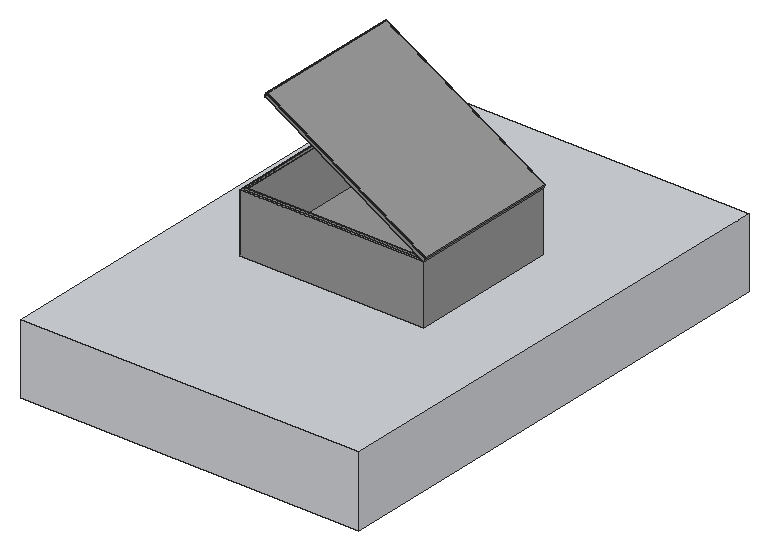
Revit family "Hager-Univers-IP55-D275-H650-Cl.I-Steel_encl-CH-de", category Equipement électrique, Revit 2020
Family settings
  Hôte = Face
  Configuration du panneau = Deux colonnes, circuits au sein
  Cote de connecteur circulaire = Utiliser le diamètre
  Type d'élément = Tableau de raccordement
  Couper avec des vides une fois chargée = Non
  Partagée = Non
  Point de calcul de pièce = Non
Parameters (values of type "Aufputz IP55 B800 H650 T275  - FR43E")
  Width Control [instance] = if([EF000008 - Breite] > Min Width, [EF000008 - Breite], Min Width)  # 800 mm
  Commentaires du type = [HG000003 - Bereich]  # "Univers"
  Thickness Door [instance] = if([EF009171 - Materialstärke Tür/Deckel] > 3 mm, 3 mm, [EF009171 - Materialstärke Tür/Deckel])  # 1.5 mm
  Seal Frame Offset [instance] = 17 mm  # constant formula
  Plinth Visibility [instance] = [HG000027 - Sockelhöhe] > 0 mm  # no
  Model = ""
  Min Width [instance] = 100 mm  # constant formula
  Min Height [instance] = 100 mm  # constant formula
  Min Depth [instance] = (2 * [EF009170 - Materialstärke Gehäuse]) + 1 mm  # 4 mm
  Internal Frame Depth [instance] = (Door System Depth * 0.5)  # 9 mm
  Height Control [instance] = if([EF000040 - Höhe] > Min Height, [EF000040 - Höhe], Min Height)  # 650 mm
  HG000027 - Sockelhöhe = 0 mm
  HG000026 - Stehend auf dem Boden = no
  HG000024 - Höhe des unteren Teils = 800 mm
  HG000023 - Gehäuse mit doppeltem Querschnitt = no
  HG000016 - 3D-Türsichtbarkeit [instance] = yes
  HG000015 - Sichtbarkeit der Türöffnung [instance] = no
  HG000014 - Tür rechts [instance] = yes
  HG000013 - Tür links [instance] = not([HG000014 - Tür rechts])  # no
  HG000012 - Türschwenkwinkel [instance] = 30.00°
  HG000010 - Asymmetrische Türen = no
  HG000009 - Doppelflügeligen Tür = no
  HG000006 - Unterputz = no
  HG000004 - Herstellerreferenz = "FR43E"
  HG000003 - Bereich = "Univers"
  HG000002 - Mit tür = yes
  Frame Offset Bottom [instance] = 10 mm  # constant formula
  Frame Offset [instance] = 15 mm  # constant formula
  EF015940 - Deckel mit Überdruckentlastung = no
  EF011959 - Schutzart (NEMA) = ""
  EF009554 - Anzahl der Öffnungen für Flanschplatten = 6
  Fabricant = "Hager"  # constant formula
  EF009212 - Ausführung Deckel = "EV000116 - geschlossen"
  EF009171 - Materialstärke Tür/Deckel = 1.5 mm
  EF009170 - Materialstärke Gehäuse = 1.5 mm
  EF008873 - Nennstrom (In) = 800 A
  EF007800 - Geeignet für Blitzschutz = no
  EF006306 - Mit Schloss = no
  EF006244 - Transparenter Deckel/Tür = no
  EF005474 - Schutzart (IP) = "EV006420 - IP55"
  EF004464 - Art der Tür = "EV002646 - Einzel"
  EF004427 - Anzahl der Module = 144
  EF004293 - Schlagfestigkeit = "EV008784 - IK10"
  EF003532 - Geeignet für Außengebrauch = no
  EF002950 - Breite in Teilungseinheiten = 24
  EF001613 - Funktionserhalt = "EV000494 - ohne"
  EF001596 - Werkstoff des Gehäuses = "EV000179 - Stahl"
  EF001131 - Innentiefe = 275 mm
  EF001088 - Anbaumöglichkeit = yes
  EF000437 - Anzahl der Leitungseinführungen = 6
  EF000339 - Art der Abdeckung = "EV004216 - Tür"
  EF000266 - Anzahl der Reihen = 4
  EF000218 - Einbautiefe = 0 mm
  EF000118 - Mit Montageplatte = no
  EF000116 - RAL-Nummer = "7035"
  EF000049 - Tiefe = 275 mm
  EF000040 - Höhe = 650 mm
  EF000008 - Breite = 800 mm
  EF000007 - Farbe = "EV000270 - grau"
  EF000003 - Montageart = "EV000384 - Aufputz"
  Door System Leaf Tolerance [instance] = 1.5 mm  # constant formula
  Door System Depth [instance] = 18 mm  # constant formula
  Door Height [instance] = Height Control - [HG000027 - Sockelhöhe]  # 650 mm
  Depth Control [instance] = if([EF000049 - Tiefe] > Min Depth, [EF000049 - Tiefe], Min Depth)  # 275 mm
  Default Elevation = 0 mm
  Connector Offset [instance] = Height Control / 2  # 325 mm
  Bottom Top Plate Trim [instance] = 1.5 mm  # constant formula
  Plinth height Ctrl [instance] = if([HG000027 - Sockelhöhe] > 0 mm, [HG000027 - Sockelhöhe], 12 mm)  # 12 mm
Types (5, lengths in mm): name | Width Control | HG000010 - Asymmetrische Türen | HG000009 - Doppelflügeligen Tür | HG000004 - Herstellerreferenz | EF009554 - Anzahl der Öffnungen für Flanschplatten | EF004464 - Art der Tür | EF004427 - Anzahl der Module | EF000437 - Anzahl der Leitungseinführungen | EF000008 - Breite
  Aufputz IP55 B1050 H650 T275  - FR44E | 1050 | no | yes | "FR44E" | 8 | "EV003602 - Doppel" | 192 | 8 | 1050
  Aufputz IP55 B1300 H650 T275  - FR45E | 1300 | yes | yes | "FR45E" | 10 | "EV003602 - Doppel" | 240 | 10 | 1300
  Aufputz IP55 B300 H650 T275  - FR41E | 300 | no | no | "FR41E" | 2 | "EV002646 - Einzel" | 48 | 2 | 300
  Aufputz IP55 B550 H650 T275  - FR42E | 550 | no | no | "FR42E" | 4 | "EV002646 - Einzel" | 96 | 4 | 550
  Aufputz IP55 B800 H650 T275  - FR43E | 800 | no | no | "FR43E" | 6 | "EV002646 - Einzel" | 144 | 6 | 800
Reference planes
  plane 1 "Center (Front/Back)": y = 0
  plane 2: z = 0
  plane 3 "Center (Left/Right)": x = 0
  plane 4: z = 275
  plane 5: y = 1.5
  plane 6: y = 325
  plane 7: y = 0
  plane 8: y = 650
  plane 9: z = 0
  plane 10: x = -385
  plane 11: x = 385
  plane 12: x = 383.5
  plane 13: x = -383.5
  plane 14: y = 648.5
  plane 15: x = -383
  plane 16: x = -400
  plane 17: x = 383
  plane 18: x = 400
  plane 19: x = 398.5
  plane 20: x = -398.5
  plane 21: y = 11.5
  plane 22: y = 650
  plane 23: y = 633.5
  plane 24: z = 257
  plane 25: z = 1.5
  plane 26: z = 255.5
  plane 27: z = 273.5
Forms (mm)
  Extrusion 1, solid
    sketch origin (0, 0, 0) x (1, 0, 0) y (0, 1, 0)
      loop
        line (-702.964, 1305) -> (-702.964, -811.445) -> (766.763, -811.445) -> (766.763, 1305) -> (-702.964, 1305)
    from 0 to -304.8
  Extrusion 2, solid, material "Hager_Steel_RAL7035_Light_Grey", visible <- "Plinth Visibility", detail levels medium+fine
    sketch origin (0, 0, 0) x (1, 0, 0) y (0, 1, 0)
      loop
        line (-400, 0) -> (400, 0) -> (400, 12) -> (-400, 12) -> (-400, 0)
    from 0 to 257
  Extrusion 3, solid, material "Hager_Steel_RAL7035_Light_Grey", detail levels medium+fine
    sketch origin (0, 0, 0) x (1, 0, 0) y (0, 1, 0)
      loop
        line (-400, 0) -> (400, 0) -> (400, 650) -> (-400, 650) -> (-400, 0)
    from 0 to 257
  Extrusion 4, void
    sketch origin (0, 0, 0) x (1, 0, 0) y (0, 1, 0)
      loop
        line (-398.5, 1.5) -> (398.5, 1.5) -> (398.5, 648.5) -> (-398.5, 648.5) -> (-398.5, 1.5)
    from 1.5 to 255.5
  Extrusion 5, void
    sketch origin (-381.607, -4572, 257) x (0, -1, 0) y (-1, 0, 0)
      loop
        line (-4583.5, 1.893) -> (-5205.5, 1.893) -> (-5205.5, -765.107) -> (-4583.5, -765.107) -> (-4583.5, 1.893)
    from 0 to 1.5 <- "EF009170 - Materialstärke Gehäuse"
  Extrusion 6, solid, material "Hager_Steel_RAL7035_Light_Grey", detail levels fine
    sketch origin (0, 0, 257) x (1, 0, 0) y (0, 1, 0)
      loop
        line (-383.5, 633.5) -> (-383.5, 11.5) -> (383.5, 11.5) -> (383.5, 633.5) -> (-383.5, 633.5)
      loop
        line (-385, 10) -> (385, 10) -> (385, 635) -> (-385, 635) -> (-385, 10)
    from 0 to 9 <- "Internal Frame Depth"
  Extrusion 7, solid, material "Hager_Steel_RAL7035_Light_Grey", detail levels coarse
    sketch origin (0, 0, 0) x (1, 0, 0) y (0, 1, 0)
      loop
        line (-400, 0) -> (400, 0) -> (400, 650) -> (-400, 650) -> (-400, 0)
    from 0 to 275
  Sweep 8, void
    path in 3D
      loop
        line (-400, 12, 0) -> (400, 12, 0) -> (400, 12, 257) -> (-400, 12, 257) -> (-400, 12, 0)
    profile origin (-400, 12, 128.5) x (-1, 0, 0) y (0, -1, 0)
      loop
        line (0, 0) -> (0, 1.5) -> (-1.5, 1.5)
        arc (-1.5, 1.5) -> (-1.061, 0.439) -> (0, 0) r 1.5
Cuts and joins
  Extrusion 4, Extrusion 5 cuts Extrusion 3
  Sweep 8 cuts Extrusion 2
Lines and regions (mm)
  Masking region 1
    outline origin (0, 0, 0) x (1, 0, 0) y (0, 0, 1)
      loop
        line (-400, 275) -> (-400, 0) -> (400, 0) -> (400, 275) -> (-400, 275)
  Masking region 2, detail levels medium+fine
    outline origin (0, 140, 0) x (0, 1, 0) y (0, 0, 1)
      loop
        line (-140, 0) -> (510, 0) -> (510, 257) -> (-140, 257) -> (-140, 0)
  Masking region 3, not visible, detail levels medium+fine
    outline origin (0, 297.922, 0) x (0, 1, 0) y (0, 0, 1)
      loop
        line (38.578, 0) -> (78.578, 0) -> (78.578, 263.5)
        arc (78.578, 263.5) -> (75.649, 270.571) -> (68.578, 273.5) r 10
        line (68.578, 273.5) -> (38.578, 273.5) -> (38.578, 0)
  Masking region 4, detail levels coarse
    outline origin (0, 0, 180) x (0, 1, 0) y (0, 0, 1)
      loop
        line (0, -180) -> (650, -180) -> (650, 95) -> (0, 95) -> (0, -180)
  Masking region 5, visible <- "Plinth Visibility", detail levels medium+fine
    outline origin (0, 52.24, 12.345) x (0, 0, -1) y (0, 1, 0)
      loop
        line (10.845, -40.24) -> (-243.155, -40.24)
        arc (-243.155, -40.24) -> (-243.594, -41.301) -> (-244.655, -41.74) r 1.5
        line (-244.655, -41.74) -> (-244.655, -52.24) -> (12.345, -52.24) -> (12.345, -41.74)
        arc (12.345, -41.74) -> (11.285, -41.301) -> (10.845, -40.24) r 1.5
  Masking region 6, detail levels medium+fine
    outline origin (-381.607, -4572, 257) x (-1, 0, 0) y (0, -1, 0)
      loop
        line (18.393, -5222) -> (18.393, -4572) -> (-781.607, -4572) -> (-781.607, -5222) -> (18.393, -5222)
  Masking region 7, visible <- "Plinth Visibility", detail levels medium+fine
    outline origin (-381.607, -4727, 257) x (-1, 0, 0) y (0, -1, 0)
      loop
        arc (16.893, -4739) -> (17.332, -4737.939) -> (18.393, -4737.5) r 1.5
        line (18.393, -4737.5) -> (18.393, -4727) -> (-781.607, -4727) -> (-781.607, -4737.5)
        arc (-781.607, -4737.5) -> (-780.546, -4737.939) -> (-780.107, -4739) r 1.5
        line (-780.107, -4739) -> (16.893, -4739)
  Masking region 8, detail levels coarse
    outline origin (-442.548, -4669.526, 257) x (-1, 0, 0) y (0, -1, 0)
      loop
        line (-42.548, -5319.526) -> (-42.548, -4669.526) -> (-842.548, -4669.526) -> (-842.548, -5319.526) -> (-42.548, -5319.526)
  sketch lines
    curve 1: line (-400, 12, 257) -> (-400, 12, 0)
    curve 2: line (400, 12, 257) -> (-400, 12, 257)
    curve 3: line (400, 12, 257) -> (400, 12, 0)
    curve 4: line (-400, 12, 0) -> (400, 12, 0)
Dimensions and locks
  "Depth Control": plane 4 to Extrusion 1
  "HG000027 - Sockelhöhe": plane 1 "Center (Front/Back)" to plane 7
  "EF009170 - Materialstärke Gehäuse": plane 5 to plane 7
  locked: connector elem to plane 3 "Center (Left/Right)"
  equal spacing: plane 8, plane 6, plane 7
  locked: connector elem to plane 6
  "EF009170 - Materialstärke Gehäuse": plane 8 to plane 14
  "EF009170 - Materialstärke Gehäuse": plane 10 to plane 13
  "EF009170 - Materialstärke Gehäuse": plane 12 to plane 11
  "Frame Offset": plane 20 to plane 13
  "Frame Offset": plane 12 to plane 19
  "EF009170 - Materialstärke Gehäuse": plane 16 to plane 20
  "EF009170 - Materialstärke Gehäuse": plane 19 to plane 18
  "Seal Frame Offset": plane 16 to plane 15
  "Seal Frame Offset": plane 17 to plane 18
  "Frame Offset Bottom": plane 21 to plane 5
  "Frame Offset": plane 14 to plane 23
  equal spacing: plane 16, plane 3 "Center (Left/Right)", plane 18
  "Width Control": plane 16 to plane 18
  "EF009170 - Materialstärke Gehäuse": plane 4 to plane 27
  "EF009170 - Materialstärke Gehäuse": plane 24 to plane 26
  "EF009170 - Materialstärke Gehäuse": plane 25 to level
  "Door System Depth": plane 4 to plane 24
  "Height Control": plane 1 "Center (Front/Back)" to Extrusion 7 sketch curve
  "Height Control": Masking region 4 sketch curve to plane 1 "Center (Front/Back)"
  "Height Control": plane 1 "Center (Front/Back)" to plane 22
  "Bottom Top Plate Trim": profile plane to Sweep 8 sketch curve
  "Bottom Top Plate Trim": Sweep 8 sketch curve to profile plane
  "Plinth height Ctrl": plane 1 "Center (Front/Back)" to Extrusion 2 sketch curve
  "Plinth height Ctrl": Masking region 5 sketch curve to plane 1 "Center (Front/Back)"
  "Plinth height Ctrl": plane 1 "Center (Front/Back)" to Masking region 7 sketch curve
  "Thickness Door": Extrusion 6 sketch curve to Extrusion 6 sketch curve  (x3)
  "Thickness Door": cut or joined group of Extrusion 3, Extrusion 4, Extrusion 5 to Extrusion 6 sketch curve
  radius of Masking region 3 sketch curve = 10 mm
  "Bottom Top Plate Trim": radius of Masking region 5 sketch curve  (x2)
  "Bottom Top Plate Trim": radius of Sweep 8 sketch curve
  "Bottom Top Plate Trim": radius of Masking region 7 sketch curve  (x2)
  aligned and locked: plane 2 to Extrusion 1
  aligned and locked: level to Extrusion 1
  aligned and locked: level to Masking region 1 sketch curve
  aligned and locked: Masking region 1 sketch curve to plane 18
  aligned and locked: Masking region 1 sketch curve to plane 16
  aligned and locked: plane 7 to Masking region 2 sketch curve
  aligned and locked: level to Masking region 3 sketch curve
  aligned and locked: Masking region 3 sketch curve to plane 27
  aligned and locked: level to Masking region 2 sketch curve
  aligned and locked: plane 1 "Center (Front/Back)" to Extrusion 2 sketch curve
  aligned and locked: Extrusion 3 sketch curve to plane 7
  aligned and locked: plane 16 to Extrusion 3 sketch curve
  aligned and locked: plane 18 to Extrusion 3 sketch curve
  aligned and locked: plane 20 to Extrusion 4 sketch curve
  aligned and locked: plane 19 to Extrusion 4 sketch curve
  aligned and locked: Extrusion 4 sketch curve to plane 5
  aligned and locked: Extrusion 4 to plane 25
  aligned and locked: plane 26 to Extrusion 4
  aligned and locked: plane 24 to Extrusion 3
  aligned and locked: Extrusion 5 sketch curve to plane 21
  aligned and locked: Extrusion 5 sketch curve to plane 13
  aligned and locked: Extrusion 5 sketch curve to plane 12
  aligned and locked: plane 18 to Extrusion 7 sketch curve
  aligned and locked: plane 1 "Center (Front/Back)" to Extrusion 7 sketch curve
  aligned and locked: plane 16 to Extrusion 7 sketch curve
  aligned and locked: plane 4 to Extrusion 7
  aligned and locked: Extrusion 7 to level
  aligned and locked: level to Masking region 4 sketch curve
  aligned and locked: Masking region 4 sketch curve to plane 1 "Center (Front/Back)"
  aligned and locked: Masking region 4 sketch curve to plane 4
  aligned and locked: nested 1 to level
  aligned and locked: nested 1 to plane 16
  aligned and locked: plane 8 to Extrusion 3 sketch curve
  aligned and locked: plane 23 to Extrusion 5 sketch curve
  aligned and locked: plane 14 to Extrusion 4 sketch curve
  aligned and locked: Masking region 2 sketch curve to plane 8
  aligned and locked: level to Masking region 5 sketch curve
  aligned and locked: plane 16 to Extrusion 2 sketch curve
  aligned and locked: plane 18 to Extrusion 2 sketch curve
  aligned and locked: Masking region 5 sketch curve to plane 24
  aligned and locked: Masking region 2 sketch curve to plane 24
  aligned and locked: plane 24 to Extrusion 2
  aligned and locked: profile plane to Sweep 8 sketch curve  (x2)
  aligned and locked: Masking region 6 sketch curve to plane 18
  aligned and locked: Masking region 6 sketch curve to plane 22
  aligned and locked: Masking region 6 sketch curve to plane 16
  aligned and locked: plane 8 to plane 22
  aligned and locked: Masking region 6 sketch curve to plane 7
  aligned and locked: Masking region 7 sketch curve to plane 16
  aligned and locked: Masking region 7 sketch curve to plane 1 "Center (Front/Back)"
  aligned and locked: Masking region 7 sketch curve to plane 18
  aligned and locked: Masking region 8 sketch curve to plane 1 "Center (Front/Back)"
  aligned and locked: Masking region 8 sketch curve to plane 18
  aligned and locked: Masking region 8 sketch curve to plane 22
  aligned and locked: Masking region 8 sketch curve to plane 16
  aligned and locked: nested 2 to plane 7
  aligned and locked: plane 3 "Center (Left/Right)" to nested 2
  aligned and locked: nested 2 to plane 24
  aligned and locked: Extrusion 6 sketch curve to cut or joined group of Extrusion 3, Extrusion 4, Extrusion 5  (x4)
Automatic sketch dimensions
  Extrusion 1 sketch curve to Extrusion 1 sketch curve = 1469.727 mm
  Extrusion 1 sketch curve to Extrusion 1 sketch curve = 2116.445 mm
  Masking region 1 sketch curve to plane 4 = 0 mm
  plane 6 to Masking region 3 sketch curve = 11.5 mm
  Masking region 3 sketch curve to Masking region 3 sketch curve = 30 mm
  Masking region 5 sketch curve to plane 1 "Center (Front/Back)" = 0 mm
Nested families
  nested 1: "Hager_Enclosure_Symbol" at (-400, 0, 0) x (1, 0, 0) z (0, -1, 0), Height <- "Depth Control", Width <- "Width Control", type "Hager_Enclosure_Symbol"
    with Width_Ctrl 800 mm, Width 800 mm, Height_Ctrl 275 mm, Height 275 mm, A_Width_Int 18.047 mm, A_Width 216.562 mm, A_Height_Ctrl 240.625 mm, A_Height 240.625 mm
  nested 2: "EC000058_Univers_Door" at (0, 0, 257) x (1, 0, 0) z (0, 1, 0), Leaf_Tolerance <- "Door System Leaf Tolerance", Angle <- "HG000012 - Türschwenkwinkel", Door_Depth <- "Door System Depth", Door_Left <- "HG000013 - Tür links", Transparent <- "EF006244 - Transparenter Deckel/Tür", Assymetrical <- "HG000010 - Asymmetrische Türen", Width <- "Width Control", Clearance <- "HG000015 - Sichtbarkeit der Türöffnung", Double <- "HG000009 - Doppelflügeligen Tür", 3d_Door <- "HG000016 - 3D-Türsichtbarkeit", Lock_Visibility <- "EF006306 - Mit Schloss", Width_Ctrl <- "Width Control", Door_Right <- "HG000014 - Tür rechts", Door <- "HG000002 - Mit tür", Height <- "Door Height", Thickness <- "Thickness Door", type "EC000058_Univers_Door", detail levels medium+fine
    with min_wh 4 mm, Width_Ctrl 800 mm, Width 800 mm, Transparent no, Thickness 1.5 mm, Seal_Material Hager_Rubber, Lock_Visibility no, Lock_Material Hager_Plastic_RAL9005_Jet_Black, Leaf_Width 800 mm, Leaf_Tolerance_External_Sides 0 mm, Leaf_Tolerance 1.5 mm, Leaf_Offset 0 mm, Leaf_Height 647 mm, Leaf_2_Width 800 mm, Leaf_2_Offset 400 mm, Leaf_1_Width 800 mm, Leaf_1_Offset 400 mm, Height_Ctrl 650 mm, Height 650 mm, Glass_Material Hager_Glass, Double_Clearance_Ctrl no, Double no, Door_Right_Ctrl yes, Door_Right yes, Door_Material Hager_Steel_RAL7035_Light_Grey, Door_Left_Ctrl no, Door_Left no, Door_Depth 18 mm, Door yes, Clearance_Material Hager_Clearance, Clearance_Depth 800 mm, Clearance_Ctrl no, Clearance no, Assymetrical no, Angle 30.00°, 3d_Door yes
Connectors
  electrical at (0, 325, 0)
    settings: on plane 9, index 1, voltage 0 V, apparent load 0 VA, apparent load phase1 0 VA, apparent load phase2 0 VA, apparent load phase3 0 VA, power factor 1, load classification "Other", number of poles 1, system type 30, power factor state 1, is connector primary yes, connector utility no, sub classification motor no, connector description ""
Definition of nested family "EC000058_Univers_Door"
  Parameters (values of type "EC000058_Univers_Door")
    min_wh [instance] = (2 * Thickness) + 1 mm  # 11 mm
    Width_Ctrl [instance] = 400 mm
    Width [instance] = 500 mm
    Transparent [instance] = yes
    Thickness [instance] = 5 mm
    Seal_Material [instance] = none
    Lock_Visibility [instance] = yes
    Lock_Material [instance] = none
    Leaf_Width [instance] = if((Width_Ctrl - 2 * Leaf_Tolerance_External_Sides) > 0 mm, (Width_Ctrl - 2 * Leaf_Tolerance_External_Sides), min_wh)  # 400 mm
    Leaf_Tolerance_External_Sides [instance] = 0 mm  # constant formula
    Leaf_Tolerance [instance] = 1.5 mm
    Leaf_Offset [instance] = 0 mm  # constant formula
    Leaf_Height [instance] = if((Height_Ctrl - 2 * Leaf_Tolerance) > 0 mm, (Height_Ctrl - 2 * Leaf_Tolerance), min_wh)  # 497 mm
    Leaf_2_Width [instance] = if(and(and(Double, Assymetrical), Door_Left), (Leaf_Width / 3) - (Leaf_Tolerance / 2), if(and(and(Double, Assymetrical), Door_Right), (Leaf_Width / 3) * 2 - (Leaf_Tolerance / 2), if(and(Double, not(Assymetrical)), (Leaf_Width / 2) - Leaf_Tolerance, Leaf_Width)))  # 400 mm
    Leaf_2_Offset [instance] = if(and(Double, Assymetrical), Leaf_2_Width / 2, if(and(Double, not(Assymetrical)), Leaf_Width / 4, Leaf_Width / 2))  # 200 mm
    Leaf_1_Width [instance] = if(and(and(Double, Assymetrical), Door_Right), (Leaf_Width / 3) - (Leaf_Tolerance / 2), if(and(and(Double, Assymetrical), Door_Left), (Width / 3) * 2 - (Leaf_Tolerance / 2), if(and(Double, not(Assymetrical)), (Leaf_Width / 2) - Leaf_Tolerance, Leaf_Width)))  # 400 mm
    Leaf_1_Offset [instance] = if(and(Double, Assymetrical), Leaf_1_Width / 2, if(and(Double, not(Assymetrical)), Leaf_Width / 4, Leaf_Width / 2))  # 200 mm
    Height_Ctrl [instance] = if(Height > min_wh, Height, min_wh)  # 500 mm
    Height [instance] = 500 mm
    Glass_Material [instance] = none
    Double_Clearance_Ctrl [instance] = and(Double, Clearance)  # no
    Double [instance] = no
    Door_Right_Ctrl [instance] = and(or(Door_Right, Double), Door)  # yes
    Door_Right [instance] = yes
    Door_Material [instance] = none
    Door_Left_Ctrl [instance] = and(or(Door_Left, Double), Door)  # no
    Door_Left [instance] = no
    Door_Depth [instance] = 30 mm
    Door [instance] = yes
    Default Elevation = 1219.2 mm
    Clearance_Material [instance] = none
    Clearance_Depth [instance] = if(Leaf_1_Width > Leaf_2_Width, Leaf_1_Width, Leaf_2_Width)  # 400 mm
    Clearance_Ctrl [instance] = and(not(Double), Clearance)  # yes
    Clearance [instance] = yes
    Assymetrical [instance] = yes
    Angle [instance] = 30.00°
    3d_Door [instance] = yes
  Reference planes
    plane 1 "Center (Front/Back)": y = 0
    plane 2 "Bottom": z = 0
    plane 3 "Center (Left/Right)": x = 0
    plane 4: z = 500
    plane 5: x = -200
    plane 6: x = 200
    plane 7: z = 500
    plane 8: x = -200
    plane 9: z = 0
    plane 10: x = 200
    plane 11: y = 0
    plane 12: z = 1.5
    plane 13: x = -600
    plane 14: y = -400
    plane 15: x = 600
    plane 16: x = 0
    plane 17: x = 0
    plane 18: x = -200
    plane 19: x = 200
    plane 20: z = 498.5
  Forms (mm)
    Extrusion 1, solid, material <- "Clearance_Material", visible <- "Double_Clearance_Ctrl"
      sketch origin (1200, 0, 0) x (1, 0, 0) y (0, 0, -1)
        loop
          line (-1800, -498.5) -> (-600, -498.5) -> (-600, 0) -> (-1800, 0) -> (-1800, -498.5)
      from 0 to -400
  Dimensions and locks
    equal spacing: plane 5, plane 3 "Center (Left/Right)", plane 6
    "Width_Ctrl": plane 5 to plane 6
    "Leaf_Offset": plane 5 to plane 8
    "Leaf_Offset": plane 6 to plane 10
    "Leaf_Offset": plane 9 to level
    "Leaf_Offset": plane 4 to plane 7
    "Height_Ctrl": plane 4 to level
    "Leaf_Tolerance": plane 12 to plane 9
    locked: plane 11 to plane 1 "Center (Front/Back)"
    "Leaf_1_Offset": plane 18 to plane 16
    "Leaf_2_Offset": plane 17 to plane 19
    "Leaf_1_Width": plane 13 to plane 8
    "Leaf_2_Width": plane 10 to plane 15
    "Clearance_Depth": plane 14 to plane 1 "Center (Front/Back)"
    "Leaf_Tolerance_External_Sides": plane 8 to plane 18
    "Leaf_Tolerance_External_Sides": plane 19 to plane 10
    "Leaf_Tolerance": plane 7 to plane 20
    aligned and locked: level to plane 2 "Bottom"
    aligned and locked: nested 1 to plane 16
    aligned and locked: nested 2 to plane 17
    aligned and locked: Extrusion 1 to plane 13
    aligned and locked: plane 15 to Extrusion 1
    aligned and locked: Extrusion 1 to plane 14
    aligned and locked: plane 12 to nested 1
    aligned and locked: nested 2 to plane 12
    aligned and locked: Extrusion 1 to plane 11
    aligned and locked: plane 20 to Extrusion 1
    aligned and locked: nested 2 to plane 11
    aligned and locked: nested 1 to plane 11
  Automatic sketch dimensions
    Extrusion 1 sketch curve to level = 0 mm
    plane 5 to Extrusion 1 sketch curve = 400 mm
    plane 6 to Extrusion 1 sketch curve = 400 mm
    Extrusion 1 sketch curve to plane 4 = 1.5 mm
  Nested families
    nested 1: "EC000058_Univers_Door_Leaf" at (0, 0, 1.5), Width <- "Leaf_1_Width", visible <- "Door_Left_Ctrl", Leaf_Height <- "Leaf_Height", Angle <- "Angle", 3d_Door <- "3d_Door", Transparent <- "Transparent", Clearance Material <- "Clearance_Material", Clearance <- "Clearance_Ctrl", Door_Material <- "Door_Material", Glass_Material <- "Glass_Material", Door_Depth <- "Door_Depth", Lock_Material <- "Lock_Material", Seal_Material <- "Seal_Material", Lock_Visibility <- "Lock_Visibility", Thickness <- "Thickness", type "EC000058_Univers_Door_Leaf"
      with Width 400 mm, Transparent_Glass_Offset 30 mm, Transparent_Ctrl yes, Transparent yes, Thickness 5 mm, Standard no, Seal_Material none, Seal_D2 8 mm, Seal_D1 1 mm, Offset_Internal_Frame 10 mm, Lock_Width 20 mm, Lock_Visibility_3d yes, Lock_Visibility yes, Lock_Thickness_3 3 mm, Lock_Thickness_2 1 mm, Lock_Thickness_1 3 mm, Lock_Radius_Offset_2 16 mm, Lock_Radius_Offset_1 15 mm, Lock_Radius_2 5 mm, Lock_Radius 6 mm, Lock_Offset 5 mm, Lock_Material none, Lock_Height 80 mm, Lock_Cover_Top_Offset_2d 17 mm, Lock_Cover_Height -65 mm, Leaf_Height 497 mm, Internal_Seal_Thickness 8 mm, Internal_Seal_Depth_2 4.5 mm, Internal_Frame_Depth 25 mm, Glass_Thickness -1 mm, Glass_Offset -2 mm, Glass_Material none, Door_Material none, Door_Depth 30 mm, Clearance Material none, Clearance yes, Angle_Ctrl 30.00°, Angle 30.00°, 3d_Door yes
    nested 2: "EC000058_Univers_Door_Leaf" at (0, 0, 1.5) x (-1, 0, 0) z (0, 0, 1), Width <- "Leaf_2_Width", visible <- "Door_Right_Ctrl", Leaf_Height <- "Leaf_Height", Angle <- "Angle", 3d_Door <- "3d_Door", Transparent <- "Transparent", Clearance Material <- "Clearance_Material", Clearance <- "Clearance_Ctrl", Door_Material <- "Door_Material", Glass_Material <- "Glass_Material", Door_Depth <- "Door_Depth", Lock_Material <- "Lock_Material", Seal_Material <- "Seal_Material", Lock_Visibility <- "Lock_Visibility", Thickness <- "Thickness", type "EC000058_Univers_Door_Leaf"
      with Width 400 mm, Transparent_Glass_Offset 30 mm, Transparent_Ctrl yes, Transparent yes, Thickness 5 mm, Standard no, Seal_Material none, Seal_D2 8 mm, Seal_D1 1 mm, Offset_Internal_Frame 10 mm, Lock_Width 20 mm, Lock_Visibility_3d yes, Lock_Visibility yes, Lock_Thickness_3 3 mm, Lock_Thickness_2 1 mm, Lock_Thickness_1 3 mm, Lock_Radius_Offset_2 16 mm, Lock_Radius_Offset_1 15 mm, Lock_Radius_2 5 mm, Lock_Radius 6 mm, Lock_Offset 5 mm, Lock_Material none, Lock_Height 80 mm, Lock_Cover_Top_Offset_2d 17 mm, Lock_Cover_Height -65 mm, Leaf_Height 497 mm, Internal_Seal_Thickness 8 mm, Internal_Seal_Depth_2 4.5 mm, Internal_Frame_Depth 25 mm, Glass_Thickness -1 mm, Glass_Offset -2 mm, Glass_Material none, Door_Material none, Door_Depth 30 mm, Clearance Material none, Clearance yes, Angle_Ctrl 30.00°, Angle 30.00°, 3d_Door yes
  Definition of nested family "EC000058_Univers_Door_Leaf"
    Parameters (values of type "EC000058_Univers_Door_Leaf")
      Width [instance] = 2000 mm
      Transparent_Glass_Offset [instance] = 30 mm
      Transparent_Ctrl [instance] = and(Transparent, [3d_Door])  # yes
      Transparent [instance] = yes
      Thickness [instance] = 5 mm
      Standard [instance] = and(not(Transparent), [3d_Door])  # no
      Seal_Material [instance] = none
      Seal_D2 [instance] = 8 mm  # constant formula
      Seal_D1 [instance] = 1 mm  # constant formula
      Offset_Internal_Frame [instance] = 10 mm  # constant formula
      Lock_Width [instance] = 20 mm  # constant formula
      Lock_Visibility_3d [instance] = and(Lock_Visibility, [3d_Door])  # yes
      Lock_Visibility [instance] = yes
      Lock_Thickness_3 [instance] = 3 mm  # constant formula
      Lock_Thickness_2 [instance] = 1 mm  # constant formula
      Lock_Thickness_1 [instance] = 3 mm  # constant formula
      Lock_Radius_Offset_2 [instance] = Lock_Radius_Offset_1 + 1 mm  # 16 mm
      Lock_Radius_Offset_1 [instance] = 15 mm  # constant formula
      Lock_Radius_2 [instance] = Lock_Radius - 1 mm  # 5 mm
      Lock_Radius [instance] = 6 mm  # constant formula
      Lock_Offset [instance] = 5 mm  # constant formula
      Lock_Material [instance] = none
      Lock_Height [instance] = 80 mm  # constant formula
      Lock_Cover_Top_Offset_2d [instance] = Lock_Radius_Offset_2 + 1 mm  # 17 mm
      Lock_Cover_Height [instance] = -(Lock_Height - Lock_Radius_Offset_1)  # -65 mm
      Leaf_Height [instance] = 2720.336 mm
      Internal_Seal_Thickness [instance] = 8 mm  # constant formula
      Internal_Seal_Depth_2 [instance] = 4.5 mm  # constant formula
      Internal_Frame_Depth [instance] = if(Door_Depth - Thickness > 5 mm, Door_Depth - Thickness, 5 mm)  # 25 mm
      Glass_Thickness [instance] = if(Thickness > 15 mm, Glass_Offset + 10 mm, -1 mm)  # -1 mm
      Glass_Offset [instance] = if(Thickness > 15 mm, -(Thickness + 10 mm) / 2, -2 mm)  # -2 mm
      Glass_Material [instance] = none
      Door_Material [instance] = none
      Door_Depth [instance] = 30 mm
      Default Elevation = 0 mm
      Clearance Material [instance] = none
      Clearance [instance] = yes
      Angle_Ctrl [instance] = if(Angle > 180.00°, 180.00°, Angle)  # 90.00°
      Angle [instance] = 90.00°
      3d_Door [instance] = yes
    Reference planes
      plane 1 "Center (Front/Back)": y = 0
      plane 2: z = 0
      plane 3 "Center (Left/Right)": x = 0
      plane 4: y = 2000
      plane 5: x = -1000
      plane 6: x = 1000
      plane 7: x = -3000
      plane 8: z = 2720.336
      plane 9: z = 30
      plane 10: z = 2690.336
      plane 11: x = 970
      plane 12: x = -970
      plane 13: y = -3
      plane 14: z = 107.833
      plane 15: y = -5
      plane 16: y = -223.314
      plane 17: x = -1000
      plane 18: z = 1360.168
      plane 19: y = 30
    Forms (mm)
      Extrusion 1, solid, material <- "Clearance Material", visible <- "Clearance"
        sketch origin (0, 0, 0) x (1, 0, 0) y (0, 0, 1)
          loop
            line (-3000, 2720.336) -> (-3000, 0) -> (1000, 0) -> (1000, 2720.336) -> (-3000, 2720.336)
        from 0 to -2000
      Extrusion 2, solid, material <- "Door_Material", visible <- "Standard", detail levels medium+fine
        sketch origin (-1000, 0, 0) x (0, 1, 0) y (-1, 0, 0)
          loop
            line (0, 30) -> (0, 25) -> (2000, 25) -> (2000, 30) -> (0, 30)
        from 0 to 2720.336 <- "Leaf_Height"
      Extrusion 3, solid, material <- "Door_Material", visible <- "Transparent_Ctrl", detail levels medium+fine
        sketch origin (-1000, 0, 0) x (0, 1, 0) y (-1, 0, 0)
          loop
            line (0, 25) -> (2000, 25) -> (2000, 30) -> (0, 30) -> (0, 25)
        from 0 to 2720.336 <- "Leaf_Height"
      Extrusion 4, void
        sketch origin (-1025, 2000, 0) x (0, 1, 0) y (0, 0, -1)
          loop
            line (-30, -2690.336) -> (-30, -30) -> (-1970, -30) -> (-1970, -2690.336) -> (-30, -2690.336)
        from 0 to 5 <- "Thickness"
      Sweep 5, solid, material <- "Seal_Material", visible <- "Transparent_Ctrl", detail levels fine
        path in 3D
          loop
            line (-1025, 30, 30) -> (-1025, 30, 2690.336) -> (-1025, 1970, 2690.336) -> (-1025, 1970, 30) -> (-1025, 30, 30)
        profile origin (-1025, 1000, 30) x (1, 0, 0) y (0, 0, 1)
          loop
            line (0, 0) -> (0, -8) -> (1, -8) -> (1, 0) -> (0, 0)
      Extrusion 6, solid, material <- "Glass_Material", visible <- "Transparent_Ctrl", detail levels medium+fine
        sketch origin (-1030, 0, 0) x (0, 1, 0) y (0, 0, -1)
          loop
            line (1970, -2690.336) -> (1970, -30) -> (30, -30) -> (30, -2690.336) -> (1970, -2690.336)
        from -2 <- "Glass_Offset" to -1 <- "Glass_Thickness"
      Extrusion 7, solid, material <- "Door_Material", visible <- "3d_Door", detail levels medium+fine
        sketch origin (-1025, 2000, 0) x (0, -1, 0) y (0, 0, -1)
          loop
            line (0, -2720.336) -> (2000, -2720.336) -> (2000, 0) -> (0, 0) -> (0, -2720.336)
          loop
            line (1995, -5) -> (5, -5) -> (5, -2715.336) -> (1995, -2715.336) -> (1995, -5)
        from 0 to 25 <- "Internal_Frame_Depth"
      Sweep 8, solid, material <- "Seal_Material", visible <- "Transparent_Ctrl", detail levels fine
        path in 3D
          loop
            line (-1025, 0, 0) -> (-1025, 2000, 0) -> (-1025, 2000, 2720.336) -> (-1025, 0, 2720.336) -> (-1025, 0, 0)
        profile origin (-1025, 0, 1360.168) x (1, 0, 0) y (0, 1, 0)
          loop
            line (0, 10) -> (2.975, 10)
            arc (2.975, 10) -> (4.053, 10.447) -> (4.5, 11.525) r 1.525
            line (4.5, 11.525) -> (4.5, 16.527)
            arc (4.5, 16.527) -> (4.069, 17.569) -> (3.027, 18) r 1.473
            line (3.027, 18) -> (0, 18) -> (0, 10)
      Extrusion 9, solid, material <- "Lock_Material", visible <- "Lock_Visibility_3d", detail levels fine
        sketch origin (-1030, 0, 0) x (0, 1, 0) y (0, 0, -1)
          loop
            arc (1993.5, -1400.168) -> (1994.561, -1399.729) -> (1995, -1398.668) r 1.5
            line (1995, -1398.668) -> (1995, -1320.168) -> (1975, -1320.168) -> (1975, -1398.668)
            arc (1975, -1398.668) -> (1975.439, -1399.729) -> (1976.5, -1400.168) r 1.5
            line (1976.5, -1400.168) -> (1993.5, -1400.168)
        from 3 <- "Lock_Thickness_1" to 0
      Blend 10, solid, material <- "Lock_Material", visible <- "Lock_Visibility_3d", detail levels fine
        base sketch origin (-1033, 0, 0) x (0, 1, 0) y (0, 0, -1)
          loop
            line (1975, -1320.168) -> (1975, -1398.668)
            arc (1975, -1398.668) -> (1975.439, -1399.729) -> (1976.5, -1400.168) r 1.5
            line (1976.5, -1400.168) -> (1993.5, -1400.168)
            arc (1993.5, -1400.168) -> (1994.561, -1399.729) -> (1995, -1398.668) r 1.5
            line (1995, -1398.668) -> (1995, -1320.168) -> (1975, -1320.168)
        top sketch origin (-1033, 0, 0) x (0, 1, 0) y (0, 0, -1)
          loop
            line (1976, -1320.168) -> (1976, -1398.668)
            arc (1976, -1398.668) -> (1976.146, -1399.022) -> (1976.5, -1399.168) r 0.5
            line (1976.5, -1399.168) -> (1993.5, -1399.168)
            arc (1993.5, -1399.168) -> (1993.854, -1399.022) -> (1994, -1398.668) r 0.5
            line (1994, -1398.668) -> (1994, -1320.168) -> (1976, -1320.168)
        from 0 to 1 <- "Lock_Thickness_2"
      Blend 11, solid, material <- "Lock_Material", visible <- "Lock_Visibility_3d", detail levels fine
        base sketch origin (-1034, 0, 0) x (0, 1, 0) y (0, 0, -1)
          loop
            line (1978, -1320.168) -> (1978, -1384.168)
            arc (1978, -1384.168) -> (1985, -1391.168) -> (1992, -1384.168) r 7
            line (1992, -1384.168) -> (1992, -1320.168) -> (1978, -1320.168)
        top sketch origin (-1034, 0, 0) x (0, 1, 0) y (0, 0, -1)
          loop
            line (1991, -1320.168) -> (1979, -1320.168) -> (1979, -1383.168)
            arc (1979, -1383.168) -> (1985, -1389.168) -> (1991, -1383.168) r 6
            line (1991, -1383.168) -> (1991, -1320.168)
        from 0 to 3 <- "Lock_Thickness_3"
      Extrusion 12, solid, material <- "Lock_Material", visible <- "Lock_Visibility_3d", detail levels fine
        sketch origin (-1030, 1975, 1320.168) x (1, 0, 0) y (0, -1, 0)
          loop
            line (-7, -19) -> (-7, -1) -> (0, -1) -> (0, 0) -> (-8, 0) -> (-8, -20) -> (0, -20) -> (0, -19) -> (-7, -19)
        from 0 to -65 <- "Lock_Cover_Height"
      Extrusion 13, void
        sketch origin (-1038, 1995, 1320.168) x (-1, 0, 0) y (0, 0, -1)
          loop
            line (-5, -65) -> (0, -65) -> (-5, -60) -> (-5, -65)
        from 0 to 20 <- "Lock_Width"
      Extrusion 14, void
        sketch origin (-1038, 1975, 1320.168) x (0, -1, 0) y (0, 0, -1)
          loop
            circle (-10, -15.995) r 6
          loop
            circle (-10, -15.995) r 5
        from 0 to 2
      Extrusion 15, solid, material <- "Lock_Material", visible <- "Lock_Visibility_3d", detail levels medium
        sketch origin (-1030, 0, 0) x (0, 1, 0) y (0, 0, -1)
          loop
            arc (1993.5, -1400.168) -> (1994.561, -1399.729) -> (1995, -1398.668) r 1.5
            line (1995, -1398.668) -> (1995, -1320.168) -> (1975, -1320.168) -> (1975, -1398.668)
            arc (1975, -1398.668) -> (1975.439, -1399.729) -> (1976.5, -1400.168) r 1.5
            line (1976.5, -1400.168) -> (1993.5, -1400.168)
        from 8 to 0
    Cuts and joins
      Extrusion 4 cuts Extrusion 3
      Extrusion 13, Extrusion 14 cuts Extrusion 9
      Extrusion 14 cuts Blend 11
      Extrusion 13, Extrusion 14 cuts Extrusion 12
      joined: Extrusion 9, Blend 10, Blend 11, Extrusion 12
      Extrusion 14 cuts Extrusion 15
    Lines and regions (mm)
      Masking region 1, visible <- "Lock_Visibility", detail levels fine
        outline origin (0, 0, 0) x (0, 1, 0) y (0, 0, 1)
          loop
            line (30, 1320.168) -> (33, 1320.168) -> (33, 1400.168) -> (30, 1400.168) -> (30, 1320.168)
      Masking region 2, visible <- "Lock_Visibility", detail levels fine
        outline origin (0, 3.143, 0) x (0, 1, 0) y (0, 0, 1)
          loop
            line (29.857, 1354.168) -> (30.857, 1354.168) -> (30.857, 1366.168) -> (29.857, 1366.168) -> (29.857, 1354.168)
      Masking region 3, detail levels medium+fine
        outline origin (0, 0, 0) x (0, 1, 0) y (0, 0, 1)
          loop
            line (0, 0) -> (30, 0) -> (30, 2720.336) -> (0, 2720.336) -> (0, 0)
      Masking region 4, detail levels medium+fine
        outline origin (0, 0, 0) x (1, 0, 0) y (0, 0, 1)
          loop
            line (-1000, 2720.336) -> (-1000, 0) -> (1000, 0) -> (1000, 2720.336) -> (-1000, 2720.336)
      Masking region 5, visible <- "Lock_Visibility", detail levels fine
        outline origin (-47.116, 0, 0) x (1, 0, 0) y (0, 0, 1)
          loop
            arc (1024.616, 1399.168) -> (1023.556, 1398.729) -> (1023.116, 1397.668) r 1.5
            line (1023.116, 1397.668) -> (1023.116, 1320.168) -> (1041.116, 1320.168) -> (1041.116, 1397.668)
            arc (1041.116, 1397.668) -> (1040.677, 1398.729) -> (1039.616, 1399.168) r 1.5
            line (1039.616, 1399.168) -> (1024.616, 1399.168)
      Masking region 6, visible <- "Lock_Visibility", detail levels medium+fine
        outline origin (-25, 0, 0) x (1, 0, 0) y (0, 0, 1)
          loop
            arc (1001.5, 1400.168) -> (1000.439, 1399.729) -> (1000, 1398.668) r 1.5
            line (1000, 1398.668) -> (1000, 1320.168) -> (1020, 1320.168) -> (1020, 1398.668)
            arc (1020, 1398.668) -> (1019.561, 1399.729) -> (1018.5, 1400.168) r 1.5
            line (1018.5, 1400.168) -> (1001.5, 1400.168)
      Masking region 7, visible <- "Lock_Visibility", detail levels fine
        outline origin (-73.735, 0, 0) x (1, 0, 0) y (0, 0, 1)
          loop
            line (1051.735, 1382.168) -> (1065.735, 1382.168) -> (1065.735, 1384.168)
            arc (1065.735, 1384.168) -> (1058.735, 1391.168) -> (1051.735, 1384.168) r 7
            line (1051.735, 1384.168) -> (1051.735, 1382.168)
      Masking region 8, visible <- "Lock_Visibility", detail levels fine
        outline origin (-73.735, 0, 0) x (1, 0, 0) y (0, 0, 1)
          loop
            line (1052.735, 1382.168) -> (1064.735, 1382.168) -> (1064.735, 1383.168)
            arc (1064.735, 1383.168) -> (1058.735, 1389.168) -> (1052.735, 1383.168) r 6
            line (1052.735, 1383.168) -> (1052.735, 1382.168)
      Masking region 9, visible <- "Lock_Visibility", detail levels fine
        outline origin (-25, 0, 0) x (1, 0, 0) y (0, 0, 1)
          loop
            line (1020, 1320.168) -> (1020, 1382.168) -> (1000, 1382.168) -> (1000, 1320.168) -> (1020, 1320.168)
      Masking region 10, detail levels medium+fine
        outline origin (0, 0, 0) x (1, 0, 0) y (0, 0, 1)
          loop
            circle (985, 1335.144) r 6
      Masking region 11, detail levels fine
        outline origin (0, 0, 0) x (1, 0, 0) y (0, 0, 1)
          loop
            circle (985, 1335.144) r 5
      Masking region 12, visible <- "Lock_Visibility", detail levels fine
        outline origin (0, 12.767, 0) x (0, 1, 0) y (0, 0, 1)
          loop
            line (20.233, 1320.168) -> (21.233, 1320.168) -> (21.233, 1399.168) -> (20.233, 1400.168) -> (20.233, 1320.168)
      Masking region 13, visible <- "Lock_Visibility", detail levels fine
        outline origin (0, 13.767, -10) x (0, 1, 0) y (0, 0, 1)
          loop
            line (20.233, 1330.168) -> (23.233, 1330.168) -> (23.233, 1399.168) -> (20.233, 1402.168) -> (20.233, 1330.168)
      Masking region 14, visible <- "Lock_Visibility", detail levels fine
        outline origin (0, 12.767, -10) x (0, 1, 0) y (0, 0, 1)
          loop
            line (20.233, 1330.168) -> (25.233, 1330.168) -> (25.233, 1399.305) -> (20.233, 1394.305) -> (20.233, 1330.168)
      Masking region 15, visible <- "Lock_Visibility", detail levels medium
        outline origin (0, 0, 0) x (0, 1, 0) y (0, 0, 1)
          loop
            line (30, 1320.168) -> (38, 1320.168) -> (38, 1400.168) -> (30, 1400.168) -> (30, 1320.168)
      Masking region 16, visible <- "Lock_Visibility", detail levels fine
        outline origin (-1000, 0, 0) x (0, 1, 0) y (-1, 0, 0)
          loop
            line (1975, 30) -> (1995, 30) -> (1995, 38) -> (1975, 38) -> (1975, 30)
          loop
            line (1979, 37) -> (1976, 37) -> (1976, 34) -> (1978, 34) -> (1979, 37)
          loop
            line (1994, 37) -> (1991, 37) -> (1992, 34) -> (1994, 34) -> (1994, 37)
      Masking region 17, visible <- "Lock_Visibility", detail levels medium
        outline origin (-1000, 0, 0) x (0, 1, 0) y (-1, 0, 0)
          loop
            line (1975, 30) -> (1995, 30) -> (1995, 38) -> (1975, 38) -> (1975, 30)
      symbolic lines
        curve 1: line (1000, 0, 0) -> (-3000, 0, 0)
        curve 2: arc (1000, 0, 0) -> (-1000, 2000, 0) -> (-3000, 0, 0) r 2000
        curve 4: line (-1030, 0, 0) -> (-1030, 2000, 0)
      reference lines
        curve 3: line (-1000, 0, 0) -> (-1000, 2000, 0)
      symbolic lines, detail levels medium+fine
        curve 5: line (-1030, 2000, 0) -> (-1025, 2000, 0)
        curve 7: line (-1025, 0, 0) -> (-1030, 0, 0)
        curve 8: line (-1025, 0, 0) -> (-1000, 0, 0)
        curve 9: line (-1000, 0, 0) -> (-1000, 2000, 0)
        curve 10: line (-1000, 2000, 0) -> (-1025, 2000, 0)
      symbolic lines, detail levels fine
        curve 6: line (-1025, 2000, 0) -> (-1025, 0, 0)
      sketch lines
        curve 11: line (-1025, 0, 2720.336) -> (-1025, 0, 0)
        curve 12: line (-1025, 2000, 0) -> (-1025, 0, 0)
        curve 13: line (-1025, 2000, 2720.336) -> (-1025, 2000, 0)
        curve 14: line (-1025, 0, 2720.336) -> (-1025, 2000, 2720.336)
        curve 15: line (-1025, 1970, 30) -> (-1025, 30, 30)
        curve 16: line (-1025, 30, 30) -> (-1025, 30, 2690.336)
        curve 17: line (-1025, 1970, 2690.336) -> (-1025, 1970, 30)
        curve 18: line (-1025, 30, 2690.336) -> (-1025, 1970, 2690.336)
      symbolic lines, visible <- "Transparent", detail levels medium+fine
        curve 19: line (-970, 0, 2690.336) -> (970, 0, 2690.336)
        curve 20: line (-970, 0, 30) -> (-970, 0, 2690.336)
        curve 21: line (970, 0, 30) -> (-970, 0, 30)
        curve 22: line (970, 0, 2690.336) -> (970, 0, 30)
    Dimensions and locks
      "Width": plane 1 "Center (Front/Back)" to plane 4
      equal spacing: plane 5, plane 3 "Center (Left/Right)", plane 6
      "Width": plane 5 to plane 6
      "Width": plane 7 to plane 5
      "Leaf_Height": plane 8 to level
      "Width": curve 5 to curve 3
      "Width": curve 3 to curve 3
      plane 8 to plane 10 = 30 mm
      plane 9 to level = 30 mm
      plane 12 to plane 5 = 30 mm
      plane 6 to plane 11 = 30 mm
      Extrusion 1 to Extrusion 4 sketch curve = 30 mm
      "Transparent_Glass_Offset": curve 3 to Extrusion 4 sketch curve
      "Transparent_Glass_Offset": Extrusion 4 sketch curve to cut or joined group of Extrusion 3, Extrusion 4  (x2)
      cut or joined group of Extrusion 3, Extrusion 4 to Extrusion 6 sketch curve = 30 mm
      "Transparent_Glass_Offset": cut or joined group of Extrusion 3, Extrusion 4 to Extrusion 4 sketch curve
      "Thickness": curve 6 to curve 4
      "Thickness": Extrusion 7 sketch curve to Extrusion 7 sketch curve  (x4)
      "Door_Depth": curve 4 to curve 3
      "Offset_Internal_Frame": profile plane to Sweep 8 sketch curve
      "Internal_Seal_Thickness": Sweep 8 sketch curve to Sweep 8 sketch curve
      "Internal_Seal_Depth_2": profile plane to Sweep 8 sketch curve
      "Seal_D1": profile plane to Sweep 5 sketch curve
      "Seal_D2": profile plane to Sweep 5 sketch curve
      "Thickness": Extrusion 2 sketch curve to Extrusion 2 sketch curve
      equal spacing: Extrusion 9 sketch curve, plane 18, Extrusion 9 sketch curve  (x2)
      equal spacing: Masking region 1 sketch curve, plane 18, Masking region 1 sketch curve
      "Lock_Height": Masking region 1 sketch curve to Masking region 1 sketch curve
      "Lock_Radius": Masking region 2 sketch curve to plane 18 to Masking region 2 sketch curve
      Masking region 2 sketch curve to Masking region 1 = 1 mm
      "Door_Depth": plane 19 to plane 1 "Center (Front/Back)"
      "Lock_Thickness_1": Masking region 1 sketch curve to plane 19
      "Lock_Width": Extrusion 9 sketch curve to Extrusion 9 sketch curve
      "Lock_Height": Extrusion 9 sketch curve to Extrusion 9 sketch curve
      "Lock_Offset": cut or joined group of Extrusion 3, Extrusion 4 to Extrusion 9 sketch curve
      equal spacing: plane 8, plane 18, level
      "Lock_Radius_Offset_1": Blend 11 sketch curve to Blend 10
      locked: Blend 10 to Blend 11 sketch curve at 2  (x2)
      locked: var sketch to Blend 11 sketch curve at 1  (x2)
      "Lock_Radius_Offset_2": Blend 11 sketch curve to Blend 10
      locked: Extrusion 12 sketch curve to Extrusion 12 sketch curve at 1  (x3)
      Masking region 6 sketch curve to Masking region 6 sketch curve = 80 mm
      "Lock_Height": Masking region 6 sketch curve to Masking region 6 sketch curve
      "Lock_Width": Masking region 6 sketch curve to Masking region 6 sketch curve
      locked: Masking region 6 to Masking region 5 sketch curve at 1  (x3)
      locked: Masking region 5 to Masking region 7 sketch curve at 2  (x2)
      "Lock_Radius_Offset_1": Masking region 5 to Masking region 7 sketch curve
      "Lock_Radius_Offset_2": Masking region 5 to Masking region 8 sketch curve
      locked: Masking region 7 to Masking region 8 sketch curve at 1  (x2)
      "Lock_Cover_Top_Offset_2d": Masking region 5 to Masking region 9 sketch curve
      equal spacing: Masking region 9, Masking region 10 sketch curve, Masking region 9
      equal spacing: Masking region 9, Masking region 11 sketch curve, Masking region 9
      Extrusion 15 sketch curve to Extrusion 15 sketch curve = 80 mm
      "Lock_Width": Extrusion 15 sketch curve to Extrusion 15 sketch curve
      "Lock_Height": Extrusion 15 sketch curve to Extrusion 15 sketch curve
      equal spacing: Extrusion 15 sketch curve, plane 18, Extrusion 15 sketch curve
      "Lock_Thickness_3": Masking region 13 sketch curve to Masking region 13 sketch curve
      "Lock_Height": Masking region 12 sketch curve to Masking region 12 sketch curve
      locked: Masking region 13 sketch curve to Masking region 1 at 8
      locked: Masking region 14 sketch curve to Masking region 13 at 1
      locked: Masking region 14 sketch curve to Masking region 1 at 10.863
      "Lock_Height": Masking region 15 sketch curve to Masking region 15 sketch curve
      "Lock_Offset": Extrusion 15 sketch curve to cut or joined group of Extrusion 3, Extrusion 4
      "Lock_Offset": plane 6 to Masking region 6 sketch curve
      radius of Sweep 8 sketch curve = 1.525 mm
      radius of Sweep 8 sketch curve = 1.473 mm
      radius of Extrusion 9 sketch curve = 1.5 mm  (x2)
      "Lock_Radius": radius of Extrusion 14 sketch curve
      "Lock_Radius_2": radius of Extrusion 14 sketch curve
      "Lock_Radius": radius of Masking region 10 sketch curve
      "Lock_Radius_2": radius of Masking region 11 sketch curve
      radius of Extrusion 15 sketch curve = 1.5 mm  (x2)
      "Angle_Ctrl": angle plane 1 "Center (Front/Back)" to curve 3
      locked: Masking region 12 sketch curve to Masking region 12 sketch curve (angle 45.00°)
      locked: Masking region 13 sketch curve to Masking region 13 sketch curve (angle 45.00°)
      locked: Masking region 14 sketch curve to Masking region 14 sketch curve (angle 45.00°)
      aligned and locked: level to plane 2
      aligned and locked: Extrusion 1 to curve 1
      aligned and locked: plane 6 to Extrusion 1
      aligned and locked: Extrusion 1 to plane 1 "Center (Front/Back)"
      aligned and locked: plane 4 to Extrusion 1
      aligned and locked: plane 8 to Extrusion 1
      aligned and locked: curve 7 to Extrusion 2 sketch curve
      aligned and locked: curve 5 to Extrusion 2 sketch curve
      aligned and locked: curve 7 to Extrusion 3 sketch curve
      aligned and locked: Extrusion 3 sketch curve to curve 4
      aligned and locked: Extrusion 3 sketch curve to curve 6
      aligned and locked: Extrusion 3 sketch curve to curve 5
      aligned and locked: curve 9 to curve 3
      aligned and locked: Extrusion 7 sketch curve to cut or joined group of Extrusion 3, Extrusion 4  (x4)
      aligned and locked: plane 17 to curve 3
      aligned and locked: plane 1 "Center (Front/Back)" to curve 3
      aligned and locked: plane 17 to plane 5
      aligned and locked: Sweep 8 sketch curve to profile plane
      aligned and locked: Sweep 5 sketch curve to profile plane  (x2)
      aligned and locked: Masking region 1 to Masking region 2 sketch curve
      aligned and locked: plane 19 to Masking region 1 sketch curve
      aligned and locked: plane 1 "Center (Front/Back)" to Masking region 3 sketch curve
      aligned and locked: plane 19 to Masking region 3 sketch curve
      aligned and locked: level to Masking region 3 sketch curve
      aligned and locked: Masking region 3 sketch curve to plane 8
      aligned and locked: plane 17 to Masking region 4 sketch curve
      aligned and locked: level to Masking region 4 sketch curve
      aligned and locked: Masking region 4 sketch curve to plane 8
      aligned and locked: plane 12 to curve 20
      aligned and locked: plane 10 to curve 19
      aligned and locked: plane 11 to curve 22
      aligned and locked: curve 21 to plane 9
      aligned and locked: Extrusion 2 sketch curve to cut or joined group of Extrusion 3, Extrusion 4
      aligned and locked: Blend 10 sketch curve to Extrusion 9  (x4)
      aligned and locked: Extrusion 9 to Blend 10 sketch curve
      aligned and locked: Blend 10 to Blend 11 sketch curve
      aligned and locked: Extrusion 12 sketch curve to Blend 11
      aligned and locked: Extrusion 12 sketch curve to Extrusion 9  (x4)
      aligned and locked: Masking region 5 sketch curve to Masking region 6
      aligned and locked: Masking region 9 sketch curve to Masking region 6  (x3)
      aligned and locked: Masking region 12 sketch curve to Masking region 1
      aligned and locked: Masking region 13 sketch curve to Masking region 1
      aligned and locked: Masking region 12 to Masking region 14
      aligned and locked: Masking region 14 sketch curve to Masking region 1
      aligned and locked: Masking region 15 sketch curve to Masking region 14
      aligned and locked: Masking region 13 sketch curve to Masking region 12
      aligned and locked: Masking region 16 sketch curve to cut or joined group of Extrusion 14, Extrusion 15  (x4)
      aligned and locked: Masking region 16 sketch curve to cut or joined group of Extrusion 9, Blend 10, Blend 11, Extrusion 12, Extrusion 13, Extrusion 14  (x6)
      aligned and locked: cut or joined group of Extrusion 9, Blend 10, Blend 11, Extrusion 12, Extrusion 13, Extrusion 14 to Masking region 16 sketch curve
      aligned and locked: Masking region 17 sketch curve to cut or joined group of Extrusion 14, Extrusion 15  (x3)
      aligned and locked: Masking region 17 sketch curve to cut or joined group of Extrusion 9, Blend 10, Blend 11, Extrusion 12, Extrusion 13, Extrusion 14
      aligned and locked: Masking region 9 to Masking region 8 sketch curve
      aligned and locked: Masking region 9 to Masking region 7 sketch curve
    Automatic sketch dimensions
      plane 1 "Center (Front/Back)" to curve 2 = 0 mm
      curve 2 to plane 5 = 0 mm
      Extrusion 1 sketch curve to level = 0 mm
      Extrusion 1 sketch curve to plane 7 = 0 mm
      Extrusion 1 sketch curve to plane 6 = 0 mm
      Extrusion 1 sketch curve to plane 8 = 0 mm
      Extrusion 3 to Extrusion 6 sketch curve = 30 mm  (x4)
      Masking region 4 sketch curve to plane 6 = 0 mm
      Blend 10 sketch curve to Extrusion 9 = 1.5 mm
      Blend 10 sketch curve to Extrusion 9 = 1 mm
      Extrusion 13 sketch curve to Extrusion 12 = 0 mm  (x2)
      Extrusion 12 to Extrusion 13 sketch curve = 3 mm
      Extrusion 13 sketch curve to Extrusion 12 = 5 mm
      Extrusion 14 sketch curve to Extrusion 14 sketch curve = 0 mm  (x2)
      Extrusion 14 sketch curve to Extrusion 12 = 10 mm
      Extrusion 14 sketch curve to Extrusion 12 = 15.995 mm
      Masking region 5 sketch curve to Masking region 5 sketch curve = 1.5 mm  (x2)
      Masking region 10 sketch curve to plane 18 = 25.024 mm
      Masking region 11 sketch curve to plane 18 = 25.024 mm
      plane 19 to Masking region 14 sketch curve = 3 mm
      Masking region 16 sketch curve to Masking region 16 sketch curve = 3 mm
      curve 4 to curve 3 = 0 mm
      Blend 10 to Blend 11 sketch curve = 0 mm
      Masking region 6 sketch curve to Masking region 6 sketch curve = 1.5 mm  (x2)
      Masking region 6 sketch curve to plane 18 = 40 mm
      plane 19 to Masking region 12 sketch curve = 3 mm
      Masking region 12 sketch curve to Masking region 12 sketch curve = 1 mm
      Masking region 15 sketch curve to plane 19 = 0 mm
      Masking region 15 sketch curve to plane 18 = 40 mm
      radius of Blend 10 sketch curve to Extrusion 9 = 1 mm
Definition of nested family "Hager_Enclosure_Symbol"
  Parameters (values of type "Hager_Enclosure_Symbol")
    Width_Ctrl [instance] = if(Width > 1 mm, Width, 1 mm)  # 102.27 mm
    Width [instance] = 102.27 mm
    Height_Ctrl [instance] = if(Height > 1 mm, Height, 1 mm)  # 66.5 mm
    A_Width_Int [instance] = if(A_Width / 12 > 2 mm, A_Width / 12, 2 mm)  # 4.364 mm
    A_Width [instance] = if(A_Height_Ctrl * 0.9 > 2 mm, A_Height_Ctrl * 0.9, 2 mm)  # 52.369 mm
    A_Height_Ctrl [instance] = if(A_Height > 2 mm, A_Height, 2 mm)  # 58.188 mm
    Height [instance] = 66.5 mm
    A_Height [instance] = Height - (Height / 8)  # 58.188 mm
  Reference planes
    plane 1 "Centre (avant/arrière)": y = 0
    plane 2: z = 0
    plane 3 "Centre (gauche/droite)": x = 0
    plane 4: x = 52.369
    plane 5: y = 33.042
    plane 6: y = 41.77
    plane 7: y = 66.5
    plane 8: x = 26.184
    plane 9: y = 37.406
    plane 10: x = 102.27
    plane 11: y = 66.5
    plane 12: y = 8.313
  Lines and regions (mm)
    Filled region 1, type "Solid_Black", in view "Niveau de réf."
      outline origin (0, 0, 0) x (1, 0, 0) y (0, 1, 0)
        loop
          line (52.369, 66.5) -> (33.188, 54.536) -> (45.365, 45.006) -> (52.369, 66.5)
    Filled region 2, type "Solid_Black", in view "Niveau de réf."
      outline origin (0, 0, 0) x (1, 0, 0) y (0, 1, 0)
        loop
          line (0, 0) -> (102.27, 0) -> (102.27, 66.5) -> (0, 0)
    detail lines, in view "Niveau de réf."
      curve 1: line (0, 8.313, 0) -> (26.184, 41.77, 0)
      curve 2: line (26.184, 41.77, 0) -> (26.184, 33.042, 0)
      curve 3: line (26.184, 33.042, 0) -> (52.369, 66.5, 0)
  Dimensions and locks
    "A_Width": plane 3 "Centre (gauche/droite)" to plane 4
    equal spacing: plane 3 "Centre (gauche/droite)", plane 8, plane 4
    equal spacing: plane 6, plane 9, plane 5
    equal spacing: curve 3, Filled region 1 sketch curve, Filled region 1 sketch curve
    "Height_Ctrl": plane 1 "Centre (avant/arrière)" to plane 11
    "A_Height_Ctrl": plane 11 to plane 12
    equal spacing: plane 11, plane 9, plane 12
    "A_Width_Int": plane 6 to plane 9
    "Width_Ctrl": plane 3 "Centre (gauche/droite)" to plane 10
    angle Filled region 1 sketch curve to curve 3 = 20.00°
    angle curve 3 to Filled region 1 sketch curve = 20.00°
    locked: curve 3 to Filled region 1 sketch curve (angle 90.00°)
    aligned and locked: plane 10 to Filled region 2
    aligned and locked: plane 11 to Filled region 2 sketch curve
    aligned and locked: plane 10 to Filled region 2 sketch curve
    aligned and locked: plane 3 "Centre (gauche/droite)" to curve 1
    aligned and locked: plane 12 to curve 1
    aligned and locked: plane 7 to plane 11
  Automatic sketch dimensions
    Filled region 1 sketch curve to plane 4 = 0 mm
    Filled region 1 sketch curve to plane 7 = 0 mm
    plane 1 "Centre (avant/arrière)" to Filled region 2 sketch curve = 0 mm
    Filled region 2 sketch curve to plane 3 "Centre (gauche/droite)" = 0 mm
    curve 2 to plane 6 = 0 mm
    curve 2 to plane 8 = 0 mm
    curve 3 to plane 4 = 0 mm
    curve 2 to plane 5 = 0 mm
    curve 3 to plane 7 = 0 mm
